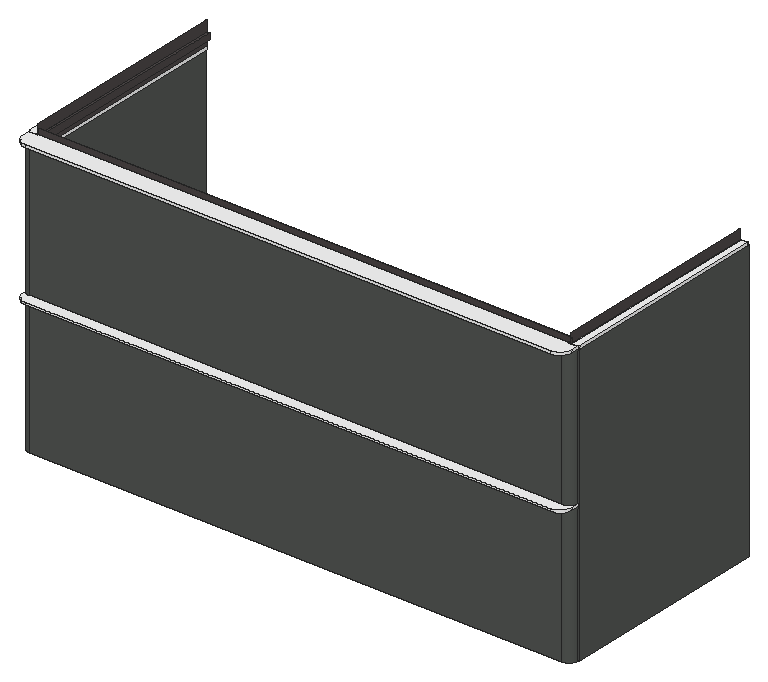
Revit family "vanity unit with 2 drawers", category Furniture, Revit 2019 (continued)
Definition of nested family "vanity unit 980_475 with 2 drawers for washbasin-54033000-natural oak-chrome-400_content"
  Forms (mm)
    Extrusion 16, solid, visible <- "ContentVisible", detail levels medium+fine
      sketch origin (0, 0, 0) x (1, 0, 0) y (0, 0, -1)
        loop
          line (466.4, -588.3) -> (466.4, -602.8) -> (471, -602.8) -> (471, -624.5) -> (472.5, -624.5) -> (472.5, -575.3) -> (471, -575.3) -> (471, -588.3) -> (466.4, -588.3)
      from -453.5 to 0
    Extrusion 17, solid, visible <- "ContentVisible", detail levels medium+fine
      sketch origin (0, 0, 0) x (0, 0, -1) y (0, 1, 0)
        loop
          line (-616, -453.5) -> (-567, -453.5) -> (-567, -452) -> (-588.5, -452) -> (-588.5, -447.4) -> (-603, -447.4) -> (-603, -452) -> (-616, -452) -> (-616, -453.5)
      from -472.5 to 472.5
    Extrusion 18, solid, visible <- "ContentVisible", detail levels coarse
      sketch origin (0, -248, 0) x (1, 0, 0) y (0, 1, 0)
        loop
          line (-490, -248) -> (490, -248) -> (490, 248) -> (-490, 248) -> (-490, -248)
      from 0 to 624.5
  Dimensions and locks
    aligned and locked: level to plane 2
Definition of nested family "vanity unit 980_475 with 2 drawers for washbasin-54033670-natural oak-matt_black-200_content"
  Parameters (values of type "Vanity unit 980_475 with 2 drawers for washbasin-54033670-Natural Oak-MATT_BLACK-200_Content")
    etim7_EC011381 = "EC011381"
    WEIGHT = "39.8"
    UNSPSC = "56 | Furniture and Furnishings"
    UNIFORMATII = "E2010 | Fixed Furnishings"
    UNICLASS_2015_CODE = "40_30_78_05"
    UNICLASS2015 = "Pr_40_30_78_05 | Bathroom furniture"
    SURFACE = "MATT_BLACK"
    REGIONSET = "Worldwide"
    PRODUCTURL = "https://pro.hansgrohe.com/articledetail--54033000"
    PRODUCTGROUP = "vanity unit"
    PRODUCTFAMILY = "Xelu Q"
    PERMALINK = "54033XXX"
    OMNICLASS = "23-21 19 15 33 13 | Residential Bathroom Specialty Casework"
    OBJECTTYPE = "Object (single object)"
    OBERFLAECHE = "Natural Oak"
    NN = "Vanity Unit with 2 Drawers"
    NBSYN = "$BASENUMBER.-$ARTNR.-$OBERFLAECHE.-$SURFACE.-$LODLEVEL."
    NB = "Vanity unit 980/475 with 2 drawers for washbasin-54033670-Natural Oak-MATT_BLACK-200"
    NAME = "Xelu Q Vanity unit Natural Oak 980/475 with 2 drawers for washbasin"
    Model = "Vanity unit 980/475 with 2 drawers for washbasin-54033670-Natural Oak-MATT_BLACK-200"
    Manufacturer = "Hansgrohe"
    MASTERFORMAT = "12 35 30.23 | Bathroom Casework"
    LODLEVEL = "200"
    LINA = "Vanity unit 980/475 with 2 drawers for washbasin-54033670-Natural Oak-MATT_BLACK-200"
    L = 980
    IFC = "Furnishing element"
    GTINCODE = "4059625455364"
    ETIM = "EC011381 | Bathroom furniture set"
    Default Elevation = 1219.2 mm
    DESIGN = "Germany"
    ContentVisible [instance] = yes
    CATALOG = "Hansgrohe"
    BIMOBJECT = "Sanitary: Compound units"
    BASENUMBER = "Vanity unit 980/475 with 2 drawers for washbasin"
    ARTNR = "54033670"
  Reference planes
    plane 1 "Center (Front/Back)": y = 0
    plane 2: z = 0
    plane 3 "Center (Left/Right)": x = 0
  Forms (mm)
    Extrusion 1, solid, visible <- "ContentVisible", detail levels medium+fine
      sketch origin (0, 0, 0) x (1, 0, 0) y (0, 1, 0)
        loop
          line (-490, 0) -> (-490, -476) -> (490, -476) -> (490, 0) -> (474, 0) -> (474, -72) -> (-474, -72) -> (-474, 0) -> (-490, 0)
      from 0 to 600
    Extrusion 2, solid, visible <- "ContentVisible", detail levels medium+fine
      sketch origin (0, 0, 297) x (1, 0, 0) y (0, 1, 0)
        loop
          line (-488.5, -453.5) -> (-488.5, -496) -> (488.5, -496) -> (488.5, -453.5) -> (-488.5, -453.5)
      from 0 to 5
    Extrusion 3, solid, visible <- "ContentVisible", detail levels medium+fine
      sketch origin (0, 0, 600) x (1, 0, 0) y (0, 1, 0)
        loop
          line (-488.5, -453.5) -> (-488.5, -496) -> (488.5, -496) -> (488.5, -453.5) -> (-488.5, -453.5)
      from 0 to 5
    Extrusion 4, solid, visible <- "ContentVisible", detail levels medium+fine
      sketch origin (0, 0, 0) x (1, 0, 0) y (0, 0, -1)
        loop
          line (-474, -566.8) -> (-474, -605) -> (-472.5, -605) -> (-472.5, -566.8) -> (-474, -566.8)
      from -455 to 0
    Extrusion 5, solid, visible <- "ContentVisible", detail levels medium+fine
      sketch origin (0, 0, 0) x (1, 0, 0) y (0, 0, -1)
        loop
          line (472.5, -566.8) -> (472.5, -605) -> (474, -605) -> (474, -566.8) -> (472.5, -566.8)
      from -455 to 0
    Extrusion 6, solid, visible <- "ContentVisible", detail levels medium+fine
      sketch origin (0, 0, 600) x (1, 0, 0) y (0, 1, 0)
        loop
          line (-490, 0) -> (-490, -455) -> (-474, -455) -> (-474, 0) -> (-490, 0)
      from 0 to 5
    Extrusion 7, solid, visible <- "ContentVisible", detail levels medium+fine
      sketch origin (0, 0, 600) x (1, 0, 0) y (0, 1, 0)
        loop
          line (474, 0) -> (474, -455) -> (490, -455) -> (490, 0) -> (474, 0)
      from 0 to 5
    Extrusion 8, solid, visible <- "ContentVisible", detail levels medium+fine
      sketch origin (0, 0, 0) x (1, 0, 0) y (0, 0, -1)
        loop
          line (-472.5, -575.3) -> (-472.5, -624.5) -> (-466.4, -624.5) -> (-466.4, -575.3) -> (-472.5, -575.3)
      from -453.5 to 0
    Extrusion 9, solid, visible <- "ContentVisible", detail levels medium+fine
      sketch origin (0, 0, 0) x (1, 0, 0) y (0, 0, -1)
        loop
          line (466.4, -575.3) -> (466.4, -624.5) -> (472.5, -624.5) -> (472.5, -575.3) -> (466.4, -575.3)
      from -453.5 to 0
    Extrusion 10, solid, visible <- "ContentVisible", detail levels medium+fine
      sketch origin (0, 0, 0) x (0, 0, -1) y (0, 1, 0)
        loop
          line (-616, -453.5) -> (-567, -453.5) -> (-567, -447.4) -> (-616, -447.4) -> (-616, -453.5)
      from -472.5 to 472.5
    Extrusion 11, solid, visible <- "ContentVisible", detail levels coarse
      sketch origin (0, -248, 0) x (1, 0, 0) y (0, 1, 0)
        loop
          line (-490, -248) -> (490, -248) -> (490, 248) -> (-490, 248) -> (-490, -248)
      from 0 to 624.5
  Dimensions and locks
    aligned and locked: level to plane 2
Definition of nested family "vanity unit 980_475 with 2 drawers for washbasin-54033670-natural oak-matt_black-400_content"
  Parameters (values of type "Vanity unit 980_475 with 2 drawers for washbasin-54033670-Natural Oak-MATT_BLACK-400_Content")
    etim7_EC011381 = "EC011381"
    WEIGHT = "39.8"
    UNSPSC = "56 | Furniture and Furnishings"
    UNIFORMATII = "E2010 | Fixed Furnishings"
    UNICLASS_2015_CODE = "40_30_78_05"
    UNICLASS2015 = "Pr_40_30_78_05 | Bathroom furniture"
    SURFACE = "MATT_BLACK"
    REGIONSET = "Worldwide"
    PRODUCTURL = "https://pro.hansgrohe.com/articledetail--54033000"
    PRODUCTGROUP = "vanity unit"
    PRODUCTFAMILY = "Xelu Q"
    PERMALINK = "54033XXX"
    OMNICLASS = "23-21 19 15 33 13 | Residential Bathroom Specialty Casework"
    OBJECTTYPE = "Object (single object)"
    OBERFLAECHE = "Natural Oak"
    NN = "Vanity Unit with 2 Drawers"
    NBSYN = "$BASENUMBER.-$ARTNR.-$OBERFLAECHE.-$SURFACE.-$LODLEVEL."
    NB = "Vanity unit 980/475 with 2 drawers for washbasin-54033670-Natural Oak-MATT_BLACK-400"
    NAME = "Xelu Q Vanity unit Natural Oak 980/475 with 2 drawers for washbasin"
    Model = "Vanity unit 980/475 with 2 drawers for washbasin-54033670-Natural Oak-MATT_BLACK-400"
    Manufacturer = "Hansgrohe"
    MASTERFORMAT = "12 35 30.23 | Bathroom Casework"
    LODLEVEL = "400"
    LINA = "Vanity unit 980/475 with 2 drawers for washbasin-54033670-Natural Oak-MATT_BLACK-400"
    L = 980
    IFC = "Furnishing element"
    GTINCODE = "4059625455364"
    ETIM = "EC011381 | Bathroom furniture set"
    Default Elevation = 1219.2 mm
    DESIGN = "Germany"
    ContentVisible [instance] = yes
    CATALOG = "Hansgrohe"
    BIMOBJECT = "Sanitary: Compound units"
    BASENUMBER = "Vanity unit 980/475 with 2 drawers for washbasin"
    ARTNR = "54033670"
  Reference planes
    plane 1 "Center (Front/Back)": y = 0
    plane 2: z = 0
    plane 3 "Center (Left/Right)": x = 0
  Forms (mm)
    Extrusion 1, solid, visible <- "ContentVisible", detail levels medium+fine
      sketch origin (0, 0, 0) x (1, 0, 0) y (0, 1, 0)
        loop
          line (-490, 0) -> (-490, -452)
          arc (-490, -452) -> (-489.121, -454.121) -> (-487, -455) r 3
          line (-487, -455) -> (-474, -455) -> (-474, 0) -> (-490, 0)
      from 0 to 600
    Extrusion 2, solid, visible <- "ContentVisible", detail levels medium+fine
      sketch origin (0, 0, 2) x (1, 0, 0) y (0, 1, 0)
        loop
          line (-474, -88) -> (-474, -455) -> (474, -455) -> (474, -88) -> (-474, -88)
      from 0 to 16
    Extrusion 3, solid, visible <- "ContentVisible", detail levels medium+fine
      sketch origin (0, 0, 0) x (1, 0, 0) y (0, 1, 0)
        loop
          line (474, 0) -> (474, -455) -> (487, -455)
          arc (487, -455) -> (489.121, -454.121) -> (490, -452) r 3
          line (490, -452) -> (490, 0) -> (474, 0)
      from 0 to 600
    Extrusion 4, solid, visible <- "ContentVisible", detail levels medium+fine
      sketch origin (0, 0, 2) x (1, 0, 0) y (0, 1, 0)
        loop
          line (-474, -72) -> (-474, -88) -> (474, -88) -> (474, -72) -> (-474, -72)
      from 0 to 126
    Extrusion 5, solid, visible <- "ContentVisible", detail levels medium+fine
      sketch origin (0, 0, 2) x (1, 0, 0) y (0, 1, 0)
        loop
          line (-490, -455) -> (-490, -457)
          arc (-490, -457) -> (-484.435, -470.435) -> (-471, -476) r 19
          line (-471, -476) -> (471, -476)
          arc (471, -476) -> (484.435, -470.435) -> (490, -457) r 19
          line (490, -457) -> (490, -455) -> (-490, -455)
      from 0 to 295
    Extrusion 6, solid, visible <- "ContentVisible", detail levels medium+fine
      sketch origin (0, 0, 305) x (1, 0, 0) y (0, 1, 0)
        loop
          line (-490, -455) -> (-490, -457)
          arc (-490, -457) -> (-484.435, -470.435) -> (-471, -476) r 19
          line (-471, -476) -> (471, -476)
          arc (471, -476) -> (484.435, -470.435) -> (490, -457) r 19
          line (490, -457) -> (490, -455) -> (-490, -455)
      from 0 to 295
    Extrusion 7, solid, visible <- "ContentVisible", detail levels medium+fine
      sketch origin (0, 0, 297) x (1, 0, 0) y (0, 1, 0)
        loop
          line (-488.5, -455) -> (-488.5, -471)
          arc (-488.5, -471) -> (-481.178, -488.678) -> (-463.5, -496) r 25
          line (-463.5, -496) -> (463.5, -496)
          arc (463.5, -496) -> (481.178, -488.678) -> (488.5, -471) r 25
          line (488.5, -471) -> (488.5, -455) -> (468.5, -455) -> (468.5, -453.5) -> (-468.5, -453.5) -> (-468.5, -455) -> (-488.5, -455)
      from 0 to 5
    Extrusion 8, solid, visible <- "ContentVisible", detail levels medium+fine
      sketch origin (0, 0, 0) x (0, 0, -1) y (0, 1, 0)
        loop
          line (-297, -453.5) -> (-297, -455) -> (-267, -455) -> (-267, -453.5) -> (-297, -453.5)
      from -468.5 to 468.5
    Extrusion 9, solid, visible <- "ContentVisible", detail levels medium+fine
      sketch origin (0, 0, 600) x (1, 0, 0) y (0, 1, 0)
        loop
          line (-488.5, -455) -> (-488.5, -471)
          arc (-488.5, -471) -> (-481.178, -488.678) -> (-463.5, -496) r 25
          line (-463.5, -496) -> (463.5, -496)
          arc (463.5, -496) -> (481.178, -488.678) -> (488.5, -471) r 25
          line (488.5, -471) -> (488.5, -455) -> (468.5, -455) -> (468.5, -453.5) -> (-468.5, -453.5) -> (-468.5, -455) -> (-488.5, -455)
      from 0 to 5
    Extrusion 10, solid, visible <- "ContentVisible", detail levels medium+fine
      sketch origin (0, 0, 0) x (0, 0, -1) y (0, 1, 0)
        loop
          line (-600, -453.5) -> (-600, -455) -> (-570, -455) -> (-570, -453.5) -> (-600, -453.5)
      from -468.5 to 468.5
    Extrusion 11, solid, visible <- "ContentVisible", detail levels medium+fine
      sketch origin (0, 0, 0) x (1, 0, 0) y (0, 0, -1)
        loop
          line (-474, -566.8) -> (-474, -605) -> (-472.5, -605) -> (-472.5, -566.8) -> (-474, -566.8)
      from -455 to 0
    Extrusion 12, solid, visible <- "ContentVisible", detail levels medium+fine
      sketch origin (0, 0, 0) x (1, 0, 0) y (0, 0, -1)
        loop
          line (472.5, -566.8) -> (472.5, -605) -> (474, -605) -> (474, -566.8) -> (472.5, -566.8)
      from -455 to 0
    Extrusion 13, solid, visible <- "ContentVisible", detail levels medium+fine
      sketch origin (0, 0, 600) x (1, 0, 0) y (0, 1, 0)
        loop
          line (-490, -3) -> (-490, -452)
          arc (-490, -452) -> (-489.121, -454.121) -> (-487, -455) r 3
          line (-487, -455) -> (-474, -455) -> (-474, 0) -> (-487, 0)
          arc (-487, 0) -> (-489.121, -0.879) -> (-490, -3) r 3
      from 0 to 5
    Extrusion 14, solid, visible <- "ContentVisible", detail levels medium+fine
      sketch origin (0, 0, 600) x (1, 0, 0) y (0, 1, 0)
        loop
          line (474, 0) -> (474, -455) -> (487, -455)
          arc (487, -455) -> (489.121, -454.121) -> (490, -452) r 3
          line (490, -452) -> (490, -3)
          arc (490, -3) -> (489.121, -0.879) -> (487, 0) r 3
          line (487, 0) -> (474, 0)
      from 0 to 5
    Extrusion 15, solid, visible <- "ContentVisible", detail levels medium+fine
      sketch origin (0, 0, 0) x (1, 0, 0) y (0, 0, -1)
        loop
          line (-472.5, -575.3) -> (-472.5, -624.5) -> (-471, -624.5) -> (-471, -602.8) -> (-466.4, -602.8) -> (-466.4, -588.3) -> (-471, -588.3) -> (-471, -575.3) -> (-472.5, -575.3)
      from -453.5 to 0
    Extrusion 16, solid, visible <- "ContentVisible", detail levels medium+fine
      sketch origin (0, 0, 0) x (1, 0, 0) y (0, 0, -1)
        loop
          line (466.4, -588.3) -> (466.4, -602.8) -> (471, -602.8) -> (471, -624.5) -> (472.5, -624.5) -> (472.5, -575.3) -> (471, -575.3) -> (471, -588.3) -> (466.4, -588.3)
      from -453.5 to 0
    Extrusion 17, solid, visible <- "ContentVisible", detail levels medium+fine
      sketch origin (0, 0, 0) x (0, 0, -1) y (0, 1, 0)
        loop
          line (-616, -453.5) -> (-567, -453.5) -> (-567, -452) -> (-588.5, -452) -> (-588.5, -447.4) -> (-603, -447.4) -> (-603, -452) -> (-616, -452) -> (-616, -453.5)
      from -472.5 to 472.5
    Extrusion 18, solid, visible <- "ContentVisible", detail levels coarse
      sketch origin (0, -248, 0) x (1, 0, 0) y (0, 1, 0)
        loop
          line (-490, -248) -> (490, -248) -> (490, 248) -> (-490, 248) -> (-490, -248)
      from 0 to 624.5
  Dimensions and locks
    aligned and locked: level to plane 2
Definition of nested family "vanity unit 980_475 with 2 drawers for washbasin-54033700-natural oak-matt_white-200_content"
  Parameters (values of type "Vanity unit 980_475 with 2 drawers for washbasin-54033700-Natural Oak-MATT_WHITE-200_Content")
    etim7_EC011381 = "EC011381"
    WEIGHT = "39.8"
    UNSPSC = "56 | Furniture and Furnishings"
    UNIFORMATII = "E2010 | Fixed Furnishings"
    UNICLASS_2015_CODE = "40_30_78_05"
    UNICLASS2015 = "Pr_40_30_78_05 | Bathroom furniture"
    SURFACE = "MATT_WHITE"
    REGIONSET = "Worldwide"
    PRODUCTURL = "https://pro.hansgrohe.com/articledetail--54033000"
    PRODUCTGROUP = "vanity unit"
    PRODUCTFAMILY = "Xelu Q"
    PERMALINK = "54033XXX"
    OMNICLASS = "23-21 19 15 33 13 | Residential Bathroom Specialty Casework"
    OBJECTTYPE = "Object (single object)"
    OBERFLAECHE = "Natural Oak"
    NN = "Vanity Unit with 2 Drawers"
    NBSYN = "$BASENUMBER.-$ARTNR.-$OBERFLAECHE.-$SURFACE.-$LODLEVEL."
    NB = "Vanity unit 980/475 with 2 drawers for washbasin-54033700-Natural Oak-MATT_WHITE-200"
    NAME = "Xelu Q Vanity unit Natural Oak 980/475 with 2 drawers for washbasin"
    Model = "Vanity unit 980/475 with 2 drawers for washbasin-54033700-Natural Oak-MATT_WHITE-200"
    Manufacturer = "Hansgrohe"
    MASTERFORMAT = "12 35 30.23 | Bathroom Casework"
    LODLEVEL = "200"
    LINA = "Vanity unit 980/475 with 2 drawers for washbasin-54033700-Natural Oak-MATT_WHITE-200"
    L = 980
    IFC = "Furnishing element"
    GTINCODE = "4059625455364"
    ETIM = "EC011381 | Bathroom furniture set"
    Default Elevation = 1219.2 mm
    DESIGN = "Germany"
    ContentVisible [instance] = yes
    CATALOG = "Hansgrohe"
    BIMOBJECT = "Sanitary: Compound units"
    BASENUMBER = "Vanity unit 980/475 with 2 drawers for washbasin"
    ARTNR = "54033700"
  Reference planes
    plane 1 "Center (Front/Back)": y = 0
    plane 2: z = 0
    plane 3 "Center (Left/Right)": x = 0
  Forms (mm)
    Extrusion 1, solid, visible <- "ContentVisible", detail levels medium+fine
      sketch origin (0, 0, 0) x (1, 0, 0) y (0, 1, 0)
        loop
          line (-490, 0) -> (-490, -476) -> (490, -476) -> (490, 0) -> (474, 0) -> (474, -72) -> (-474, -72) -> (-474, 0) -> (-490, 0)
      from 0 to 600
    Extrusion 2, solid, visible <- "ContentVisible", detail levels medium+fine
      sketch origin (0, 0, 297) x (1, 0, 0) y (0, 1, 0)
        loop
          line (-488.5, -453.5) -> (-488.5, -496) -> (488.5, -496) -> (488.5, -453.5) -> (-488.5, -453.5)
      from 0 to 5
    Extrusion 3, solid, visible <- "ContentVisible", detail levels medium+fine
      sketch origin (0, 0, 600) x (1, 0, 0) y (0, 1, 0)
        loop
          line (-488.5, -453.5) -> (-488.5, -496) -> (488.5, -496) -> (488.5, -453.5) -> (-488.5, -453.5)
      from 0 to 5
    Extrusion 4, solid, visible <- "ContentVisible", detail levels medium+fine
      sketch origin (0, 0, 0) x (1, 0, 0) y (0, 0, -1)
        loop
          line (-474, -566.8) -> (-474, -605) -> (-472.5, -605) -> (-472.5, -566.8) -> (-474, -566.8)
      from -455 to 0
    Extrusion 5, solid, visible <- "ContentVisible", detail levels medium+fine
      sketch origin (0, 0, 0) x (1, 0, 0) y (0, 0, -1)
        loop
          line (472.5, -566.8) -> (472.5, -605) -> (474, -605) -> (474, -566.8) -> (472.5, -566.8)
      from -455 to 0
    Extrusion 6, solid, visible <- "ContentVisible", detail levels medium+fine
      sketch origin (0, 0, 600) x (1, 0, 0) y (0, 1, 0)
        loop
          line (-490, 0) -> (-490, -455) -> (-474, -455) -> (-474, 0) -> (-490, 0)
      from 0 to 5
    Extrusion 7, solid, visible <- "ContentVisible", detail levels medium+fine
      sketch origin (0, 0, 600) x (1, 0, 0) y (0, 1, 0)
        loop
          line (474, 0) -> (474, -455) -> (490, -455) -> (490, 0) -> (474, 0)
      from 0 to 5
    Extrusion 8, solid, visible <- "ContentVisible", detail levels medium+fine
      sketch origin (0, 0, 0) x (1, 0, 0) y (0, 0, -1)
        loop
          line (-472.5, -575.3) -> (-472.5, -624.5) -> (-466.4, -624.5) -> (-466.4, -575.3) -> (-472.5, -575.3)
      from -453.5 to 0
    Extrusion 9, solid, visible <- "ContentVisible", detail levels medium+fine
      sketch origin (0, 0, 0) x (1, 0, 0) y (0, 0, -1)
        loop
          line (466.4, -575.3) -> (466.4, -624.5) -> (472.5, -624.5) -> (472.5, -575.3) -> (466.4, -575.3)
      from -453.5 to 0
    Extrusion 10, solid, visible <- "ContentVisible", detail levels medium+fine
      sketch origin (0, 0, 0) x (0, 0, -1) y (0, 1, 0)
        loop
          line (-616, -453.5) -> (-567, -453.5) -> (-567, -447.4) -> (-616, -447.4) -> (-616, -453.5)
      from -472.5 to 472.5
    Extrusion 11, solid, visible <- "ContentVisible", detail levels coarse
      sketch origin (0, -248, 0) x (1, 0, 0) y (0, 1, 0)
        loop
          line (-490, -248) -> (490, -248) -> (490, 248) -> (-490, 248) -> (-490, -248)
      from 0 to 624.5
  Dimensions and locks
    aligned and locked: level to plane 2
Definition of nested family "vanity unit 980_475 with 2 drawers for washbasin-54033700-natural oak-matt_white-400_content"
  Parameters (values of type "Vanity unit 980_475 with 2 drawers for washbasin-54033700-Natural Oak-MATT_WHITE-400_Content")
    etim7_EC011381 = "EC011381"
    WEIGHT = "39.8"
    UNSPSC = "56 | Furniture and Furnishings"
    UNIFORMATII = "E2010 | Fixed Furnishings"
    UNICLASS_2015_CODE = "40_30_78_05"
    UNICLASS2015 = "Pr_40_30_78_05 | Bathroom furniture"
    SURFACE = "MATT_WHITE"
    REGIONSET = "Worldwide"
    PRODUCTURL = "https://pro.hansgrohe.com/articledetail--54033000"
    PRODUCTGROUP = "vanity unit"
    PRODUCTFAMILY = "Xelu Q"
    PERMALINK = "54033XXX"
    OMNICLASS = "23-21 19 15 33 13 | Residential Bathroom Specialty Casework"
    OBJECTTYPE = "Object (single object)"
    OBERFLAECHE = "Natural Oak"
    NN = "Vanity Unit with 2 Drawers"
    NBSYN = "$BASENUMBER.-$ARTNR.-$OBERFLAECHE.-$SURFACE.-$LODLEVEL."
    NB = "Vanity unit 980/475 with 2 drawers for washbasin-54033700-Natural Oak-MATT_WHITE-400"
    NAME = "Xelu Q Vanity unit Natural Oak 980/475 with 2 drawers for washbasin"
    Model = "Vanity unit 980/475 with 2 drawers for washbasin-54033700-Natural Oak-MATT_WHITE-400"
    Manufacturer = "Hansgrohe"
    MASTERFORMAT = "12 35 30.23 | Bathroom Casework"
    LODLEVEL = "400"
    LINA = "Vanity unit 980/475 with 2 drawers for washbasin-54033700-Natural Oak-MATT_WHITE-400"
    L = 980
    IFC = "Furnishing element"
    GTINCODE = "4059625455364"
    ETIM = "EC011381 | Bathroom furniture set"
    Default Elevation = 1219.2 mm
    DESIGN = "Germany"
    ContentVisible [instance] = yes
    CATALOG = "Hansgrohe"
    BIMOBJECT = "Sanitary: Compound units"
    BASENUMBER = "Vanity unit 980/475 with 2 drawers for washbasin"
    ARTNR = "54033700"
  Reference planes
    plane 1 "Center (Front/Back)": y = 0
    plane 2: z = 0
    plane 3 "Center (Left/Right)": x = 0
  Forms (mm)
    Extrusion 1, solid, visible <- "ContentVisible", detail levels medium+fine
      sketch origin (0, 0, 0) x (1, 0, 0) y (0, 1, 0)
        loop
          line (-490, 0) -> (-490, -452)
          arc (-490, -452) -> (-489.121, -454.121) -> (-487, -455) r 3
          line (-487, -455) -> (-474, -455) -> (-474, 0) -> (-490, 0)
      from 0 to 600
    Extrusion 2, solid, visible <- "ContentVisible", detail levels medium+fine
      sketch origin (0, 0, 2) x (1, 0, 0) y (0, 1, 0)
        loop
          line (-474, -88) -> (-474, -455) -> (474, -455) -> (474, -88) -> (-474, -88)
      from 0 to 16
    Extrusion 3, solid, visible <- "ContentVisible", detail levels medium+fine
      sketch origin (0, 0, 0) x (1, 0, 0) y (0, 1, 0)
        loop
          line (474, 0) -> (474, -455) -> (487, -455)
          arc (487, -455) -> (489.121, -454.121) -> (490, -452) r 3
          line (490, -452) -> (490, 0) -> (474, 0)
      from 0 to 600
    Extrusion 4, solid, visible <- "ContentVisible", detail levels medium+fine
      sketch origin (0, 0, 2) x (1, 0, 0) y (0, 1, 0)
        loop
          line (-474, -72) -> (-474, -88) -> (474, -88) -> (474, -72) -> (-474, -72)
      from 0 to 126
    Extrusion 5, solid, visible <- "ContentVisible", detail levels medium+fine
      sketch origin (0, 0, 2) x (1, 0, 0) y (0, 1, 0)
        loop
          line (-490, -455) -> (-490, -457)
          arc (-490, -457) -> (-484.435, -470.435) -> (-471, -476) r 19
          line (-471, -476) -> (471, -476)
          arc (471, -476) -> (484.435, -470.435) -> (490, -457) r 19
          line (490, -457) -> (490, -455) -> (-490, -455)
      from 0 to 295
    Extrusion 6, solid, visible <- "ContentVisible", detail levels medium+fine
      sketch origin (0, 0, 305) x (1, 0, 0) y (0, 1, 0)
        loop
          line (-490, -455) -> (-490, -457)
          arc (-490, -457) -> (-484.435, -470.435) -> (-471, -476) r 19
          line (-471, -476) -> (471, -476)
          arc (471, -476) -> (484.435, -470.435) -> (490, -457) r 19
          line (490, -457) -> (490, -455) -> (-490, -455)
      from 0 to 295
    Extrusion 7, solid, visible <- "ContentVisible", detail levels medium+fine
      sketch origin (0, 0, 297) x (1, 0, 0) y (0, 1, 0)
        loop
          line (-488.5, -455) -> (-488.5, -471)
          arc (-488.5, -471) -> (-481.178, -488.678) -> (-463.5, -496) r 25
          line (-463.5, -496) -> (463.5, -496)
          arc (463.5, -496) -> (481.178, -488.678) -> (488.5, -471) r 25
          line (488.5, -471) -> (488.5, -455) -> (468.5, -455) -> (468.5, -453.5) -> (-468.5, -453.5) -> (-468.5, -455) -> (-488.5, -455)
      from 0 to 5
    Extrusion 8, solid, visible <- "ContentVisible", detail levels medium+fine
      sketch origin (0, 0, 0) x (0, 0, -1) y (0, 1, 0)
        loop
          line (-297, -453.5) -> (-297, -455) -> (-267, -455) -> (-267, -453.5) -> (-297, -453.5)
      from -468.5 to 468.5
    Extrusion 9, solid, visible <- "ContentVisible", detail levels medium+fine
      sketch origin (0, 0, 600) x (1, 0, 0) y (0, 1, 0)
        loop
          line (-488.5, -455) -> (-488.5, -471)
          arc (-488.5, -471) -> (-481.178, -488.678) -> (-463.5, -496) r 25
          line (-463.5, -496) -> (463.5, -496)
          arc (463.5, -496) -> (481.178, -488.678) -> (488.5, -471) r 25
          line (488.5, -471) -> (488.5, -455) -> (468.5, -455) -> (468.5, -453.5) -> (-468.5, -453.5) -> (-468.5, -455) -> (-488.5, -455)
      from 0 to 5
    Extrusion 10, solid, visible <- "ContentVisible", detail levels medium+fine
      sketch origin (0, 0, 0) x (0, 0, -1) y (0, 1, 0)
        loop
          line (-600, -453.5) -> (-600, -455) -> (-570, -455) -> (-570, -453.5) -> (-600, -453.5)
      from -468.5 to 468.5
    Extrusion 11, solid, visible <- "ContentVisible", detail levels medium+fine
      sketch origin (0, 0, 0) x (1, 0, 0) y (0, 0, -1)
        loop
          line (-474, -566.8) -> (-474, -605) -> (-472.5, -605) -> (-472.5, -566.8) -> (-474, -566.8)
      from -455 to 0
    Extrusion 12, solid, visible <- "ContentVisible", detail levels medium+fine
      sketch origin (0, 0, 0) x (1, 0, 0) y (0, 0, -1)
        loop
          line (472.5, -566.8) -> (472.5, -605) -> (474, -605) -> (474, -566.8) -> (472.5, -566.8)
      from -455 to 0
    Extrusion 13, solid, visible <- "ContentVisible", detail levels medium+fine
      sketch origin (0, 0, 600) x (1, 0, 0) y (0, 1, 0)
        loop
          line (-490, -3) -> (-490, -452)
          arc (-490, -452) -> (-489.121, -454.121) -> (-487, -455) r 3
          line (-487, -455) -> (-474, -455) -> (-474, 0) -> (-487, 0)
          arc (-487, 0) -> (-489.121, -0.879) -> (-490, -3) r 3
      from 0 to 5
    Extrusion 14, solid, visible <- "ContentVisible", detail levels medium+fine
      sketch origin (0, 0, 600) x (1, 0, 0) y (0, 1, 0)
        loop
          line (474, 0) -> (474, -455) -> (487, -455)
          arc (487, -455) -> (489.121, -454.121) -> (490, -452) r 3
          line (490, -452) -> (490, -3)
          arc (490, -3) -> (489.121, -0.879) -> (487, 0) r 3
          line (487, 0) -> (474, 0)
      from 0 to 5
    Extrusion 15, solid, visible <- "ContentVisible", detail levels medium+fine
      sketch origin (0, 0, 0) x (1, 0, 0) y (0, 0, -1)
        loop
          line (-472.5, -575.3) -> (-472.5, -624.5) -> (-471, -624.5) -> (-471, -602.8) -> (-466.4, -602.8) -> (-466.4, -588.3) -> (-471, -588.3) -> (-471, -575.3) -> (-472.5, -575.3)
      from -453.5 to 0
    Extrusion 16, solid, visible <- "ContentVisible", detail levels medium+fine
      sketch origin (0, 0, 0) x (1, 0, 0) y (0, 0, -1)
        loop
          line (466.4, -588.3) -> (466.4, -602.8) -> (471, -602.8) -> (471, -624.5) -> (472.5, -624.5) -> (472.5, -575.3) -> (471, -575.3) -> (471, -588.3) -> (466.4, -588.3)
      from -453.5 to 0
    Extrusion 17, solid, visible <- "ContentVisible", detail levels medium+fine
      sketch origin (0, 0, 0) x (0, 0, -1) y (0, 1, 0)
        loop
          line (-616, -453.5) -> (-567, -453.5) -> (-567, -452) -> (-588.5, -452) -> (-588.5, -447.4) -> (-603, -447.4) -> (-603, -452) -> (-616, -452) -> (-616, -453.5)
      from -472.5 to 472.5
    Extrusion 18, solid, visible <- "ContentVisible", detail levels coarse
      sketch origin (0, -248, 0) x (1, 0, 0) y (0, 1, 0)
        loop
          line (-490, -248) -> (490, -248) -> (490, 248) -> (-490, 248) -> (-490, -248)
      from 0 to 624.5
  Dimensions and locks
    aligned and locked: level to plane 2
Definition of nested family "vanity unit 980_475 with 2 drawers for washbasin-54034000-dark walnut-chrome-200_content"
  Parameters (values of type "Vanity unit 980_475 with 2 drawers for washbasin-54034000-Dark Walnut-CHROME-200_Content")
    etim7_EC011381 = "EC011381"
    WEIGHT = "39.8"
    UNSPSC = "56 | Furniture and Furnishings"
    UNIFORMATII = "E2010 | Fixed Furnishings"
    UNICLASS_2015_CODE = "40_30_78_05"
    UNICLASS2015 = "Pr_40_30_78_05 | Bathroom furniture"
    SURFACE = "CHROME"
    REGIONSET = "Worldwide"
    PRODUCTURL = "https://pro.hansgrohe.com/articledetail--54034000"
    PRODUCTGROUP = "vanity unit"
    PRODUCTFAMILY = "Xelu Q"
    PERMALINK = "54034XXX"
    OMNICLASS = "23-21 19 15 33 13 | Residential Bathroom Specialty Casework"
    OBJECTTYPE = "Object (single object)"
    OBERFLAECHE = "Dark Walnut"
    NN = "Vanity Unit with 2 Drawers"
    NBSYN = "$BASENUMBER.-$ARTNR.-$OBERFLAECHE.-$SURFACE.-$LODLEVEL."
    NB = "Vanity unit 980/475 with 2 drawers for washbasin-54034000-Dark Walnut-CHROME-200"
    NAME = "Xelu Q Vanity unit Dark Walnut 980/475 with 2 drawers for washbasin"
    Model = "Vanity unit 980/475 with 2 drawers for washbasin-54034000-Dark Walnut-CHROME-200"
    Manufacturer = "Hansgrohe"
    MASTERFORMAT = "12 35 30.23 | Bathroom Casework"
    LODLEVEL = "200"
    LINA = "Vanity unit 980/475 with 2 drawers for washbasin-54034000-Dark Walnut-CHROME-200"
    L = 980
    IFC = "Furnishing element"
    GTINCODE = "4059625455838"
    ETIM = "EC011381 | Bathroom furniture set"
    Default Elevation = 1219.2 mm
    DESIGN = "Germany"
    ContentVisible [instance] = yes
    CATALOG = "Hansgrohe"
    BIMOBJECT = "Sanitary: Compound units"
    BASENUMBER = "Vanity unit 980/475 with 2 drawers for washbasin"
    ARTNR = "54034000"
  Reference planes
    plane 1 "Center (Front/Back)": y = 0
    plane 2: z = 0
    plane 3 "Center (Left/Right)": x = 0
  Forms (mm)
    Extrusion 1, solid, visible <- "ContentVisible", detail levels medium+fine
      sketch origin (0, 0, 0) x (1, 0, 0) y (0, 1, 0)
        loop
          line (-490, 0) -> (-490, -476) -> (490, -476) -> (490, 0) -> (474, 0) -> (474, -72) -> (-474, -72) -> (-474, 0) -> (-490, 0)
      from 0 to 600
    Extrusion 2, solid, visible <- "ContentVisible", detail levels medium+fine
      sketch origin (0, 0, 297) x (1, 0, 0) y (0, 1, 0)
        loop
          line (-488.5, -453.5) -> (-488.5, -496) -> (488.5, -496) -> (488.5, -453.5) -> (-488.5, -453.5)
      from 0 to 5
    Extrusion 3, solid, visible <- "ContentVisible", detail levels medium+fine
      sketch origin (0, 0, 600) x (1, 0, 0) y (0, 1, 0)
        loop
          line (-488.5, -453.5) -> (-488.5, -496) -> (488.5, -496) -> (488.5, -453.5) -> (-488.5, -453.5)
      from 0 to 5
    Extrusion 4, solid, visible <- "ContentVisible", detail levels medium+fine
      sketch origin (0, 0, 0) x (1, 0, 0) y (0, 0, -1)
        loop
          line (-474, -566.8) -> (-474, -605) -> (-472.5, -605) -> (-472.5, -566.8) -> (-474, -566.8)
      from -455 to 0
    Extrusion 5, solid, visible <- "ContentVisible", detail levels medium+fine
      sketch origin (0, 0, 0) x (1, 0, 0) y (0, 0, -1)
        loop
          line (472.5, -566.8) -> (472.5, -605) -> (474, -605) -> (474, -566.8) -> (472.5, -566.8)
      from -455 to 0
    Extrusion 6, solid, visible <- "ContentVisible", detail levels medium+fine
      sketch origin (0, 0, 600) x (1, 0, 0) y (0, 1, 0)
        loop
          line (-490, 0) -> (-490, -455) -> (-474, -455) -> (-474, 0) -> (-490, 0)
      from 0 to 5
    Extrusion 7, solid, visible <- "ContentVisible", detail levels medium+fine
      sketch origin (0, 0, 600) x (1, 0, 0) y (0, 1, 0)
        loop
          line (474, 0) -> (474, -455) -> (490, -455) -> (490, 0) -> (474, 0)
      from 0 to 5
    Extrusion 8, solid, visible <- "ContentVisible", detail levels medium+fine
      sketch origin (0, 0, 0) x (1, 0, 0) y (0, 0, -1)
        loop
          line (-472.5, -575.3) -> (-472.5, -624.5) -> (-466.4, -624.5) -> (-466.4, -575.3) -> (-472.5, -575.3)
      from -453.5 to 0
    Extrusion 9, solid, visible <- "ContentVisible", detail levels medium+fine
      sketch origin (0, 0, 0) x (1, 0, 0) y (0, 0, -1)
        loop
          line (466.4, -575.3) -> (466.4, -624.5) -> (472.5, -624.5) -> (472.5, -575.3) -> (466.4, -575.3)
      from -453.5 to 0
    Extrusion 10, solid, visible <- "ContentVisible", detail levels medium+fine
      sketch origin (0, 0, 0) x (0, 0, -1) y (0, 1, 0)
        loop
          line (-616, -453.5) -> (-567, -453.5) -> (-567, -447.4) -> (-616, -447.4) -> (-616, -453.5)
      from -472.5 to 472.5
    Extrusion 11, solid, visible <- "ContentVisible", detail levels coarse
      sketch origin (0, -248, 0) x (1, 0, 0) y (0, 1, 0)
        loop
          line (-490, -248) -> (490, -248) -> (490, 248) -> (-490, 248) -> (-490, -248)
      from 0 to 624.5
  Dimensions and locks
    aligned and locked: level to plane 2
Definition of nested family "vanity unit 980_475 with 2 drawers for washbasin-54034000-dark walnut-chrome-400_content"
  Parameters (values of type "Vanity unit 980_475 with 2 drawers for washbasin-54034000-Dark Walnut-CHROME-400_Content")
    etim7_EC011381 = "EC011381"
    WEIGHT = "39.8"
    UNSPSC = "56 | Furniture and Furnishings"
    UNIFORMATII = "E2010 | Fixed Furnishings"
    UNICLASS_2015_CODE = "40_30_78_05"
    UNICLASS2015 = "Pr_40_30_78_05 | Bathroom furniture"
    SURFACE = "CHROME"
    REGIONSET = "Worldwide"
    PRODUCTURL = "https://pro.hansgrohe.com/articledetail--54034000"
    PRODUCTGROUP = "vanity unit"
    PRODUCTFAMILY = "Xelu Q"
    PERMALINK = "54034XXX"
    OMNICLASS = "23-21 19 15 33 13 | Residential Bathroom Specialty Casework"
    OBJECTTYPE = "Object (single object)"
    OBERFLAECHE = "Dark Walnut"
    NN = "Vanity Unit with 2 Drawers"
    NBSYN = "$BASENUMBER.-$ARTNR.-$OBERFLAECHE.-$SURFACE.-$LODLEVEL."
    NB = "Vanity unit 980/475 with 2 drawers for washbasin-54034000-Dark Walnut-CHROME-400"
    NAME = "Xelu Q Vanity unit Dark Walnut 980/475 with 2 drawers for washbasin"
    Model = "Vanity unit 980/475 with 2 drawers for washbasin-54034000-Dark Walnut-CHROME-400"
    Manufacturer = "Hansgrohe"
    MASTERFORMAT = "12 35 30.23 | Bathroom Casework"
    LODLEVEL = "400"
    LINA = "Vanity unit 980/475 with 2 drawers for washbasin-54034000-Dark Walnut-CHROME-400"
    L = 980
    IFC = "Furnishing element"
    GTINCODE = "4059625455838"
    ETIM = "EC011381 | Bathroom furniture set"
    Default Elevation = 1219.2 mm
    DESIGN = "Germany"
    ContentVisible [instance] = yes
    CATALOG = "Hansgrohe"
    BIMOBJECT = "Sanitary: Compound units"
    BASENUMBER = "Vanity unit 980/475 with 2 drawers for washbasin"
    ARTNR = "54034000"
  Reference planes
    plane 1 "Center (Front/Back)": y = 0
    plane 2: z = 0
    plane 3 "Center (Left/Right)": x = 0
  Forms (mm)
    Extrusion 1, solid, visible <- "ContentVisible", detail levels medium+fine
      sketch origin (0, 0, 0) x (1, 0, 0) y (0, 1, 0)
        loop
          line (-490, 0) -> (-490, -452)
          arc (-490, -452) -> (-489.121, -454.121) -> (-487, -455) r 3
          line (-487, -455) -> (-474, -455) -> (-474, 0) -> (-490, 0)
      from 0 to 600
    Extrusion 2, solid, visible <- "ContentVisible", detail levels medium+fine
      sketch origin (0, 0, 2) x (1, 0, 0) y (0, 1, 0)
        loop
          line (-474, -88) -> (-474, -455) -> (474, -455) -> (474, -88) -> (-474, -88)
      from 0 to 16
    Extrusion 3, solid, visible <- "ContentVisible", detail levels medium+fine
      sketch origin (0, 0, 0) x (1, 0, 0) y (0, 1, 0)
        loop
          line (474, 0) -> (474, -455) -> (487, -455)
          arc (487, -455) -> (489.121, -454.121) -> (490, -452) r 3
          line (490, -452) -> (490, 0) -> (474, 0)
      from 0 to 600
    Extrusion 4, solid, visible <- "ContentVisible", detail levels medium+fine
      sketch origin (0, 0, 2) x (1, 0, 0) y (0, 1, 0)
        loop
          line (-474, -72) -> (-474, -88) -> (474, -88) -> (474, -72) -> (-474, -72)
      from 0 to 126
    Extrusion 5, solid, visible <- "ContentVisible", detail levels medium+fine
      sketch origin (0, 0, 2) x (1, 0, 0) y (0, 1, 0)
        loop
          line (-490, -455) -> (-490, -457)
          arc (-490, -457) -> (-484.435, -470.435) -> (-471, -476) r 19
          line (-471, -476) -> (471, -476)
          arc (471, -476) -> (484.435, -470.435) -> (490, -457) r 19
          line (490, -457) -> (490, -455) -> (-490, -455)
      from 0 to 295
    Extrusion 6, solid, visible <- "ContentVisible", detail levels medium+fine
      sketch origin (0, 0, 305) x (1, 0, 0) y (0, 1, 0)
        loop
          line (-490, -455) -> (-490, -457)
          arc (-490, -457) -> (-484.435, -470.435) -> (-471, -476) r 19
          line (-471, -476) -> (471, -476)
          arc (471, -476) -> (484.435, -470.435) -> (490, -457) r 19
          line (490, -457) -> (490, -455) -> (-490, -455)
      from 0 to 295
    Extrusion 7, solid, visible <- "ContentVisible", detail levels medium+fine
      sketch origin (0, 0, 297) x (1, 0, 0) y (0, 1, 0)
        loop
          line (-488.5, -455) -> (-488.5, -471)
          arc (-488.5, -471) -> (-481.178, -488.678) -> (-463.5, -496) r 25
          line (-463.5, -496) -> (463.5, -496)
          arc (463.5, -496) -> (481.178, -488.678) -> (488.5, -471) r 25
          line (488.5, -471) -> (488.5, -455) -> (468.5, -455) -> (468.5, -453.5) -> (-468.5, -453.5) -> (-468.5, -455) -> (-488.5, -455)
      from 0 to 5
    Extrusion 8, solid, visible <- "ContentVisible", detail levels medium+fine
      sketch origin (0, 0, 0) x (0, 0, -1) y (0, 1, 0)
        loop
          line (-297, -453.5) -> (-297, -455) -> (-267, -455) -> (-267, -453.5) -> (-297, -453.5)
      from -468.5 to 468.5
    Extrusion 9, solid, visible <- "ContentVisible", detail levels medium+fine
      sketch origin (0, 0, 600) x (1, 0, 0) y (0, 1, 0)
        loop
          line (-488.5, -455) -> (-488.5, -471)
          arc (-488.5, -471) -> (-481.178, -488.678) -> (-463.5, -496) r 25
          line (-463.5, -496) -> (463.5, -496)
          arc (463.5, -496) -> (481.178, -488.678) -> (488.5, -471) r 25
          line (488.5, -471) -> (488.5, -455) -> (468.5, -455) -> (468.5, -453.5) -> (-468.5, -453.5) -> (-468.5, -455) -> (-488.5, -455)
      from 0 to 5
    Extrusion 10, solid, visible <- "ContentVisible", detail levels medium+fine
      sketch origin (0, 0, 0) x (0, 0, -1) y (0, 1, 0)
        loop
          line (-600, -453.5) -> (-600, -455) -> (-570, -455) -> (-570, -453.5) -> (-600, -453.5)
      from -468.5 to 468.5
    Extrusion 11, solid, visible <- "ContentVisible", detail levels medium+fine
      sketch origin (0, 0, 0) x (1, 0, 0) y (0, 0, -1)
        loop
          line (-474, -566.8) -> (-474, -605) -> (-472.5, -605) -> (-472.5, -566.8) -> (-474, -566.8)
      from -455 to 0
    Extrusion 12, solid, visible <- "ContentVisible", detail levels medium+fine
      sketch origin (0, 0, 0) x (1, 0, 0) y (0, 0, -1)
        loop
          line (472.5, -566.8) -> (472.5, -605) -> (474, -605) -> (474, -566.8) -> (472.5, -566.8)
      from -455 to 0
    Extrusion 13, solid, visible <- "ContentVisible", detail levels medium+fine
      sketch origin (0, 0, 600) x (1, 0, 0) y (0, 1, 0)
        loop
          line (-490, -3) -> (-490, -452)
          arc (-490, -452) -> (-489.121, -454.121) -> (-487, -455) r 3
          line (-487, -455) -> (-474, -455) -> (-474, 0) -> (-487, 0)
          arc (-487, 0) -> (-489.121, -0.879) -> (-490, -3) r 3
      from 0 to 5
    Extrusion 14, solid, visible <- "ContentVisible", detail levels medium+fine
      sketch origin (0, 0, 600) x (1, 0, 0) y (0, 1, 0)
        loop
          line (474, 0) -> (474, -455) -> (487, -455)
          arc (487, -455) -> (489.121, -454.121) -> (490, -452) r 3
          line (490, -452) -> (490, -3)
          arc (490, -3) -> (489.121, -0.879) -> (487, 0) r 3
          line (487, 0) -> (474, 0)
      from 0 to 5
    Extrusion 15, solid, visible <- "ContentVisible", detail levels medium+fine
      sketch origin (0, 0, 0) x (1, 0, 0) y (0, 0, -1)
        loop
          line (-472.5, -575.3) -> (-472.5, -624.5) -> (-471, -624.5) -> (-471, -602.8) -> (-466.4, -602.8) -> (-466.4, -588.3) -> (-471, -588.3) -> (-471, -575.3) -> (-472.5, -575.3)
      from -453.5 to 0
    Extrusion 16, solid, visible <- "ContentVisible", detail levels medium+fine
      sketch origin (0, 0, 0) x (1, 0, 0) y (0, 0, -1)
        loop
          line (466.4, -588.3) -> (466.4, -602.8) -> (471, -602.8) -> (471, -624.5) -> (472.5, -624.5) -> (472.5, -575.3) -> (471, -575.3) -> (471, -588.3) -> (466.4, -588.3)
      from -453.5 to 0
    Extrusion 17, solid, visible <- "ContentVisible", detail levels medium+fine
      sketch origin (0, 0, 0) x (0, 0, -1) y (0, 1, 0)
        loop
          line (-616, -453.5) -> (-567, -453.5) -> (-567, -452) -> (-588.5, -452) -> (-588.5, -447.4) -> (-603, -447.4) -> (-603, -452) -> (-616, -452) -> (-616, -453.5)
      from -472.5 to 472.5
    Extrusion 18, solid, visible <- "ContentVisible", detail levels coarse
      sketch origin (0, -248, 0) x (1, 0, 0) y (0, 1, 0)
        loop
          line (-490, -248) -> (490, -248) -> (490, 248) -> (-490, 248) -> (-490, -248)
      from 0 to 624.5
  Dimensions and locks
    aligned and locked: level to plane 2
Definition of nested family "vanity unit 980_475 with 2 drawers for washbasin-54034670-dark walnut-matt_black-200_content"
  Parameters (values of type "Vanity unit 980_475 with 2 drawers for washbasin-54034670-Dark Walnut-MATT_BLACK-200_Content")
    etim7_EC011381 = "EC011381"
    WEIGHT = "39.8"
    UNSPSC = "56 | Furniture and Furnishings"
    UNIFORMATII = "E2010 | Fixed Furnishings"
    UNICLASS_2015_CODE = "40_30_78_05"
    UNICLASS2015 = "Pr_40_30_78_05 | Bathroom furniture"
    SURFACE = "MATT_BLACK"
    REGIONSET = "Worldwide"
    PRODUCTURL = "https://pro.hansgrohe.com/articledetail--54034000"
    PRODUCTGROUP = "vanity unit"
    PRODUCTFAMILY = "Xelu Q"
    PERMALINK = "54034XXX"
    OMNICLASS = "23-21 19 15 33 13 | Residential Bathroom Specialty Casework"
    OBJECTTYPE = "Object (single object)"
    OBERFLAECHE = "Dark Walnut"
    NN = "Vanity Unit with 2 Drawers"
    NBSYN = "$BASENUMBER.-$ARTNR.-$OBERFLAECHE.-$SURFACE.-$LODLEVEL."
    NB = "Vanity unit 980/475 with 2 drawers for washbasin-54034670-Dark Walnut-MATT_BLACK-200"
    NAME = "Xelu Q Vanity unit Dark Walnut 980/475 with 2 drawers for washbasin"
    Model = "Vanity unit 980/475 with 2 drawers for washbasin-54034670-Dark Walnut-MATT_BLACK-200"
    Manufacturer = "Hansgrohe"
    MASTERFORMAT = "12 35 30.23 | Bathroom Casework"
    LODLEVEL = "200"
    LINA = "Vanity unit 980/475 with 2 drawers for washbasin-54034670-Dark Walnut-MATT_BLACK-200"
    L = 980
    IFC = "Furnishing element"
    GTINCODE = "4059625455838"
    ETIM = "EC011381 | Bathroom furniture set"
    Default Elevation = 1219.2 mm
    DESIGN = "Germany"
    ContentVisible [instance] = yes
    CATALOG = "Hansgrohe"
    BIMOBJECT = "Sanitary: Compound units"
    BASENUMBER = "Vanity unit 980/475 with 2 drawers for washbasin"
    ARTNR = "54034670"
  Reference planes
    plane 1 "Center (Front/Back)": y = 0
    plane 2: z = 0
    plane 3 "Center (Left/Right)": x = 0
  Forms (mm)
    Extrusion 1, solid, visible <- "ContentVisible", detail levels medium+fine
      sketch origin (0, 0, 0) x (1, 0, 0) y (0, 1, 0)
        loop
          line (-490, 0) -> (-490, -476) -> (490, -476) -> (490, 0) -> (474, 0) -> (474, -72) -> (-474, -72) -> (-474, 0) -> (-490, 0)
      from 0 to 600
    Extrusion 2, solid, visible <- "ContentVisible", detail levels medium+fine
      sketch origin (0, 0, 297) x (1, 0, 0) y (0, 1, 0)
        loop
          line (-488.5, -453.5) -> (-488.5, -496) -> (488.5, -496) -> (488.5, -453.5) -> (-488.5, -453.5)
      from 0 to 5
    Extrusion 3, solid, visible <- "ContentVisible", detail levels medium+fine
      sketch origin (0, 0, 600) x (1, 0, 0) y (0, 1, 0)
        loop
          line (-488.5, -453.5) -> (-488.5, -496) -> (488.5, -496) -> (488.5, -453.5) -> (-488.5, -453.5)
      from 0 to 5
    Extrusion 4, solid, visible <- "ContentVisible", detail levels medium+fine
      sketch origin (0, 0, 0) x (1, 0, 0) y (0, 0, -1)
        loop
          line (-474, -566.8) -> (-474, -605) -> (-472.5, -605) -> (-472.5, -566.8) -> (-474, -566.8)
      from -455 to 0
    Extrusion 5, solid, visible <- "ContentVisible", detail levels medium+fine
      sketch origin (0, 0, 0) x (1, 0, 0) y (0, 0, -1)
        loop
          line (472.5, -566.8) -> (472.5, -605) -> (474, -605) -> (474, -566.8) -> (472.5, -566.8)
      from -455 to 0
    Extrusion 6, solid, visible <- "ContentVisible", detail levels medium+fine
      sketch origin (0, 0, 600) x (1, 0, 0) y (0, 1, 0)
        loop
          line (-490, 0) -> (-490, -455) -> (-474, -455) -> (-474, 0) -> (-490, 0)
      from 0 to 5
    Extrusion 7, solid, visible <- "ContentVisible", detail levels medium+fine
      sketch origin (0, 0, 600) x (1, 0, 0) y (0, 1, 0)
        loop
          line (474, 0) -> (474, -455) -> (490, -455) -> (490, 0) -> (474, 0)
      from 0 to 5
    Extrusion 8, solid, visible <- "ContentVisible", detail levels medium+fine
      sketch origin (0, 0, 0) x (1, 0, 0) y (0, 0, -1)
        loop
          line (-472.5, -575.3) -> (-472.5, -624.5) -> (-466.4, -624.5) -> (-466.4, -575.3) -> (-472.5, -575.3)
      from -453.5 to 0
    Extrusion 9, solid, visible <- "ContentVisible", detail levels medium+fine
      sketch origin (0, 0, 0) x (1, 0, 0) y (0, 0, -1)
        loop
          line (466.4, -575.3) -> (466.4, -624.5) -> (472.5, -624.5) -> (472.5, -575.3) -> (466.4, -575.3)
      from -453.5 to 0
    Extrusion 10, solid, visible <- "ContentVisible", detail levels medium+fine
      sketch origin (0, 0, 0) x (0, 0, -1) y (0, 1, 0)
        loop
          line (-616, -453.5) -> (-567, -453.5) -> (-567, -447.4) -> (-616, -447.4) -> (-616, -453.5)
      from -472.5 to 472.5
    Extrusion 11, solid, visible <- "ContentVisible", detail levels coarse
      sketch origin (0, -248, 0) x (1, 0, 0) y (0, 1, 0)
        loop
          line (-490, -248) -> (490, -248) -> (490, 248) -> (-490, 248) -> (-490, -248)
      from 0 to 624.5
  Dimensions and locks
    aligned and locked: level to plane 2
Definition of nested family "vanity unit 980_475 with 2 drawers for washbasin-54034670-dark walnut-matt_black-400_content"
  Parameters (values of type "Vanity unit 980_475 with 2 drawers for washbasin-54034670-Dark Walnut-MATT_BLACK-400_Content")
    etim7_EC011381 = "EC011381"
    WEIGHT = "39.8"
    UNSPSC = "56 | Furniture and Furnishings"
    UNIFORMATII = "E2010 | Fixed Furnishings"
    UNICLASS_2015_CODE = "40_30_78_05"
    UNICLASS2015 = "Pr_40_30_78_05 | Bathroom furniture"
    SURFACE = "MATT_BLACK"
    REGIONSET = "Worldwide"
    PRODUCTURL = "https://pro.hansgrohe.com/articledetail--54034000"
    PRODUCTGROUP = "vanity unit"
    PRODUCTFAMILY = "Xelu Q"
    PERMALINK = "54034XXX"
    OMNICLASS = "23-21 19 15 33 13 | Residential Bathroom Specialty Casework"
    OBJECTTYPE = "Object (single object)"
    OBERFLAECHE = "Dark Walnut"
    NN = "Vanity Unit with 2 Drawers"
    NBSYN = "$BASENUMBER.-$ARTNR.-$OBERFLAECHE.-$SURFACE.-$LODLEVEL."
    NB = "Vanity unit 980/475 with 2 drawers for washbasin-54034670-Dark Walnut-MATT_BLACK-400"
    NAME = "Xelu Q Vanity unit Dark Walnut 980/475 with 2 drawers for washbasin"
    Model = "Vanity unit 980/475 with 2 drawers for washbasin-54034670-Dark Walnut-MATT_BLACK-400"
    Manufacturer = "Hansgrohe"
    MASTERFORMAT = "12 35 30.23 | Bathroom Casework"
    LODLEVEL = "400"
    LINA = "Vanity unit 980/475 with 2 drawers for washbasin-54034670-Dark Walnut-MATT_BLACK-400"
    L = 980
    IFC = "Furnishing element"
    GTINCODE = "4059625455838"
    ETIM = "EC011381 | Bathroom furniture set"
    Default Elevation = 1219.2 mm
    DESIGN = "Germany"
    ContentVisible [instance] = yes
    CATALOG = "Hansgrohe"
    BIMOBJECT = "Sanitary: Compound units"
    BASENUMBER = "Vanity unit 980/475 with 2 drawers for washbasin"
    ARTNR = "54034670"
  Reference planes
    plane 1 "Center (Front/Back)": y = 0
    plane 2: z = 0
    plane 3 "Center (Left/Right)": x = 0
  Forms (mm)
    Extrusion 1, solid, visible <- "ContentVisible", detail levels medium+fine
      sketch origin (0, 0, 0) x (1, 0, 0) y (0, 1, 0)
        loop
          line (-490, 0) -> (-490, -452)
          arc (-490, -452) -> (-489.121, -454.121) -> (-487, -455) r 3
          line (-487, -455) -> (-474, -455) -> (-474, 0) -> (-490, 0)
      from 0 to 600
    Extrusion 2, solid, visible <- "ContentVisible", detail levels medium+fine
      sketch origin (0, 0, 2) x (1, 0, 0) y (0, 1, 0)
        loop
          line (-474, -88) -> (-474, -455) -> (474, -455) -> (474, -88) -> (-474, -88)
      from 0 to 16
    Extrusion 3, solid, visible <- "ContentVisible", detail levels medium+fine
      sketch origin (0, 0, 0) x (1, 0, 0) y (0, 1, 0)
        loop
          line (474, 0) -> (474, -455) -> (487, -455)
          arc (487, -455) -> (489.121, -454.121) -> (490, -452) r 3
          line (490, -452) -> (490, 0) -> (474, 0)
      from 0 to 600
    Extrusion 4, solid, visible <- "ContentVisible", detail levels medium+fine
      sketch origin (0, 0, 2) x (1, 0, 0) y (0, 1, 0)
        loop
          line (-474, -72) -> (-474, -88) -> (474, -88) -> (474, -72) -> (-474, -72)
      from 0 to 126
    Extrusion 5, solid, visible <- "ContentVisible", detail levels medium+fine
      sketch origin (0, 0, 2) x (1, 0, 0) y (0, 1, 0)
        loop
          line (-490, -455) -> (-490, -457)
          arc (-490, -457) -> (-484.435, -470.435) -> (-471, -476) r 19
          line (-471, -476) -> (471, -476)
          arc (471, -476) -> (484.435, -470.435) -> (490, -457) r 19
          line (490, -457) -> (490, -455) -> (-490, -455)
      from 0 to 295
    Extrusion 6, solid, visible <- "ContentVisible", detail levels medium+fine
      sketch origin (0, 0, 305) x (1, 0, 0) y (0, 1, 0)
        loop
          line (-490, -455) -> (-490, -457)
          arc (-490, -457) -> (-484.435, -470.435) -> (-471, -476) r 19
          line (-471, -476) -> (471, -476)
          arc (471, -476) -> (484.435, -470.435) -> (490, -457) r 19
          line (490, -457) -> (490, -455) -> (-490, -455)
      from 0 to 295
    Extrusion 7, solid, visible <- "ContentVisible", detail levels medium+fine
      sketch origin (0, 0, 297) x (1, 0, 0) y (0, 1, 0)
        loop
          line (-488.5, -455) -> (-488.5, -471)
          arc (-488.5, -471) -> (-481.178, -488.678) -> (-463.5, -496) r 25
          line (-463.5, -496) -> (463.5, -496)
          arc (463.5, -496) -> (481.178, -488.678) -> (488.5, -471) r 25
          line (488.5, -471) -> (488.5, -455) -> (468.5, -455) -> (468.5, -453.5) -> (-468.5, -453.5) -> (-468.5, -455) -> (-488.5, -455)
      from 0 to 5
    Extrusion 8, solid, visible <- "ContentVisible", detail levels medium+fine
      sketch origin (0, 0, 0) x (0, 0, -1) y (0, 1, 0)
        loop
          line (-297, -453.5) -> (-297, -455) -> (-267, -455) -> (-267, -453.5) -> (-297, -453.5)
      from -468.5 to 468.5
    Extrusion 9, solid, visible <- "ContentVisible", detail levels medium+fine
      sketch origin (0, 0, 600) x (1, 0, 0) y (0, 1, 0)
        loop
          line (-488.5, -455) -> (-488.5, -471)
          arc (-488.5, -471) -> (-481.178, -488.678) -> (-463.5, -496) r 25
          line (-463.5, -496) -> (463.5, -496)
          arc (463.5, -496) -> (481.178, -488.678) -> (488.5, -471) r 25
          line (488.5, -471) -> (488.5, -455) -> (468.5, -455) -> (468.5, -453.5) -> (-468.5, -453.5) -> (-468.5, -455) -> (-488.5, -455)
      from 0 to 5
    Extrusion 10, solid, visible <- "ContentVisible", detail levels medium+fine
      sketch origin (0, 0, 0) x (0, 0, -1) y (0, 1, 0)
        loop
          line (-600, -453.5) -> (-600, -455) -> (-570, -455) -> (-570, -453.5) -> (-600, -453.5)
      from -468.5 to 468.5
    Extrusion 11, solid, visible <- "ContentVisible", detail levels medium+fine
      sketch origin (0, 0, 0) x (1, 0, 0) y (0, 0, -1)
        loop
          line (-474, -566.8) -> (-474, -605) -> (-472.5, -605) -> (-472.5, -566.8) -> (-474, -566.8)
      from -455 to 0
    Extrusion 12, solid, visible <- "ContentVisible", detail levels medium+fine
      sketch origin (0, 0, 0) x (1, 0, 0) y (0, 0, -1)
        loop
          line (472.5, -566.8) -> (472.5, -605) -> (474, -605) -> (474, -566.8) -> (472.5, -566.8)
      from -455 to 0
    Extrusion 13, solid, visible <- "ContentVisible", detail levels medium+fine
      sketch origin (0, 0, 600) x (1, 0, 0) y (0, 1, 0)
        loop
          line (-490, -3) -> (-490, -452)
          arc (-490, -452) -> (-489.121, -454.121) -> (-487, -455) r 3
          line (-487, -455) -> (-474, -455) -> (-474, 0) -> (-487, 0)
          arc (-487, 0) -> (-489.121, -0.879) -> (-490, -3) r 3
      from 0 to 5
    Extrusion 14, solid, visible <- "ContentVisible", detail levels medium+fine
      sketch origin (0, 0, 600) x (1, 0, 0) y (0, 1, 0)
        loop
          line (474, 0) -> (474, -455) -> (487, -455)
          arc (487, -455) -> (489.121, -454.121) -> (490, -452) r 3
          line (490, -452) -> (490, -3)
          arc (490, -3) -> (489.121, -0.879) -> (487, 0) r 3
          line (487, 0) -> (474, 0)
      from 0 to 5
    Extrusion 15, solid, visible <- "ContentVisible", detail levels medium+fine
      sketch origin (0, 0, 0) x (1, 0, 0) y (0, 0, -1)
        loop
          line (-472.5, -575.3) -> (-472.5, -624.5) -> (-471, -624.5) -> (-471, -602.8) -> (-466.4, -602.8) -> (-466.4, -588.3) -> (-471, -588.3) -> (-471, -575.3) -> (-472.5, -575.3)
      from -453.5 to 0
    Extrusion 16, solid, visible <- "ContentVisible", detail levels medium+fine
      sketch origin (0, 0, 0) x (1, 0, 0) y (0, 0, -1)
        loop
          line (466.4, -588.3) -> (466.4, -602.8) -> (471, -602.8) -> (471, -624.5) -> (472.5, -624.5) -> (472.5, -575.3) -> (471, -575.3) -> (471, -588.3) -> (466.4, -588.3)
      from -453.5 to 0
    Extrusion 17, solid, visible <- "ContentVisible", detail levels medium+fine
      sketch origin (0, 0, 0) x (0, 0, -1) y (0, 1, 0)
        loop
          line (-616, -453.5) -> (-567, -453.5) -> (-567, -452) -> (-588.5, -452) -> (-588.5, -447.4) -> (-603, -447.4) -> (-603, -452) -> (-616, -452) -> (-616, -453.5)
      from -472.5 to 472.5
    Extrusion 18, solid, visible <- "ContentVisible", detail levels coarse
      sketch origin (0, -248, 0) x (1, 0, 0) y (0, 1, 0)
        loop
          line (-490, -248) -> (490, -248) -> (490, 248) -> (-490, 248) -> (-490, -248)
      from 0 to 624.5
  Dimensions and locks
    aligned and locked: level to plane 2
Definition of nested family "vanity unit 980_475 with 2 drawers for washbasin-54034700-dark walnut-matt_white-200_content"
  Parameters (values of type "Vanity unit 980_475 with 2 drawers for washbasin-54034700-Dark Walnut-MATT_WHITE-200_Content")
    etim7_EC011381 = "EC011381"
    WEIGHT = "39.8"
    UNSPSC = "56 | Furniture and Furnishings"
    UNIFORMATII = "E2010 | Fixed Furnishings"
    UNICLASS_2015_CODE = "40_30_78_05"
    UNICLASS2015 = "Pr_40_30_78_05 | Bathroom furniture"
    SURFACE = "MATT_WHITE"
    REGIONSET = "Worldwide"
    PRODUCTURL = "https://pro.hansgrohe.com/articledetail--54034000"
    PRODUCTGROUP = "vanity unit"
    PRODUCTFAMILY = "Xelu Q"
    PERMALINK = "54034XXX"
    OMNICLASS = "23-21 19 15 33 13 | Residential Bathroom Specialty Casework"
    OBJECTTYPE = "Object (single object)"
    OBERFLAECHE = "Dark Walnut"
    NN = "Vanity Unit with 2 Drawers"
    NBSYN = "$BASENUMBER.-$ARTNR.-$OBERFLAECHE.-$SURFACE.-$LODLEVEL."
    NB = "Vanity unit 980/475 with 2 drawers for washbasin-54034700-Dark Walnut-MATT_WHITE-200"
    NAME = "Xelu Q Vanity unit Dark Walnut 980/475 with 2 drawers for washbasin"
    Model = "Vanity unit 980/475 with 2 drawers for washbasin-54034700-Dark Walnut-MATT_WHITE-200"
    Manufacturer = "Hansgrohe"
    MASTERFORMAT = "12 35 30.23 | Bathroom Casework"
    LODLEVEL = "200"
    LINA = "Vanity unit 980/475 with 2 drawers for washbasin-54034700-Dark Walnut-MATT_WHITE-200"
    L = 980
    IFC = "Furnishing element"
    GTINCODE = "4059625455838"
    ETIM = "EC011381 | Bathroom furniture set"
    Default Elevation = 1219.2 mm
    DESIGN = "Germany"
    ContentVisible [instance] = yes
    CATALOG = "Hansgrohe"
    BIMOBJECT = "Sanitary: Compound units"
    BASENUMBER = "Vanity unit 980/475 with 2 drawers for washbasin"
    ARTNR = "54034700"
  Reference planes
    plane 1 "Center (Front/Back)": y = 0
    plane 2: z = 0
    plane 3 "Center (Left/Right)": x = 0
  Forms (mm)
    Extrusion 1, solid, visible <- "ContentVisible", detail levels medium+fine
      sketch origin (0, 0, 0) x (1, 0, 0) y (0, 1, 0)
        loop
          line (-490, 0) -> (-490, -476) -> (490, -476) -> (490, 0) -> (474, 0) -> (474, -72) -> (-474, -72) -> (-474, 0) -> (-490, 0)
      from 0 to 600
    Extrusion 2, solid, visible <- "ContentVisible", detail levels medium+fine
      sketch origin (0, 0, 297) x (1, 0, 0) y (0, 1, 0)
        loop
          line (-488.5, -453.5) -> (-488.5, -496) -> (488.5, -496) -> (488.5, -453.5) -> (-488.5, -453.5)
      from 0 to 5
    Extrusion 3, solid, visible <- "ContentVisible", detail levels medium+fine
      sketch origin (0, 0, 600) x (1, 0, 0) y (0, 1, 0)
        loop
          line (-488.5, -453.5) -> (-488.5, -496) -> (488.5, -496) -> (488.5, -453.5) -> (-488.5, -453.5)
      from 0 to 5
    Extrusion 4, solid, visible <- "ContentVisible", detail levels medium+fine
      sketch origin (0, 0, 0) x (1, 0, 0) y (0, 0, -1)
        loop
          line (-474, -566.8) -> (-474, -605) -> (-472.5, -605) -> (-472.5, -566.8) -> (-474, -566.8)
      from -455 to 0
